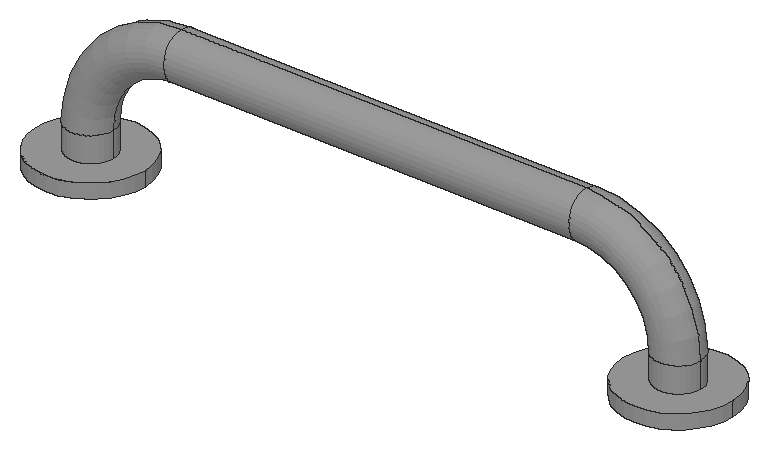
Revit family "ASH_Contour21_S6452_BIM_GB", category Plumbing Fixtures, host Face, Revit 2012
Parameters (values of type "S6452LJ")
  WaterEfficientProduct = no
  WarrantyStartDate = "n/a"
  WarrantyGuarantorParts = Company  # "Ideal Standard International Ltd"
  WarrantyDurationUnit = "Years"
  WarrantyDurationParts = "5"
  WarrantyDescription = "Manufacturers Warranty"
  WRAS = no
  VolumeUnits = "Litres"
  Version = "2"
  Uniclass2 = ""
  URL = "www.idealspec.co.uk"
  Type Comments = "n/a"
  TagNumber = "n/a"
  SustainabilityPerformance = "n/a"
  StandardsConformance = "DDA, Doc-M"
  SpareParts = "www.fastpart-spares.co.uk"
  Space = "Internal"
  Size = "mm x mm x mm"
  Shape = "Tubular"
  SerialNumber = "n/a"
  SendEnquiry = "http://www.idealspec.co.uk/contact-us.html"
  SalesInformation = "http://www.idealspec.co.uk/contact-us.html"
  RAL = "7005"
  ProductInformation = "http://www.idealspec.co.uk/assets/datasheet/S6452LJ"
  ProductDataSheet = "http://www.idealspec.co.uk/assets/datasheet/S6452LJ"
  PredefinedType = "grabrail"
  Phone = "01543 490 253"
  PartNumber = "S6452LJ"
  NominalWidth = 84 mm
  NominalLength = 450 mm
  NominalHeight = 117.5 mm
  NettWeight = "0.62Kg"
  Name = "GRABRAIL_ArmitageShanks_Contour21-Straight45cm_S6452"
  NBSTypeID = "n/a"
  NBSReference = ""
  NBSOfficeMasterTag = "n/a"
  NBSNote = "n/a"
  NBSDescription = ""
  NBSCertification = ""
  ModelReference = "S6452LJ"
  ModelNumber = "S6452LJ"
  Model = "S6452LJ"
  Material = "Aluminium"
  ManufacturerURL = "www.idealspec.co.uk"
  Manufacturer = Company  # "Ideal Standard International Ltd"
  MaintenanceInformation = "Productinfo@thebluebook.co.uk"
  LinearUnits = "mm"
  LRVValue = "20"
  InstallationInstructions = "http://www.idealspec.co.uk/resources.html"
  InstallationDate = "n/a"
  Help = "http://www.idealspec.co.uk/contact-us.html"
  GrossWeight = "n/a"
  Grade = "T6"
  Finish = "Powder Coated Aluminium Grey LJ"
  Features = "straight 45cm long x 35mm diameter Light Grey"
  ExpectedLife = "30"
  Email = "Productinfo@thebluebook.co.uk"
  ElementType = "GRAB RAIL: Safety device to aid maintaining balance, lessen fatigue and assist in supporting weight whilst maneuvering the body"
  ECA = no
  DurationUnit = "Years"
  DistributedBy = "n/a"
  Description = "Contour 21 grab rail straight 45cm long x 35mm diameter"
  Default Elevation = 1219.2 mm
  CurrentRevision = "1"
  CurrencyUnit = "n/a"
  CreatedOn = "2014-10-09"
  CreatedBy = Company  # "Ideal Standard International Ltd"
  Constituents = "n/a"
  ConnectionType = "Mechanical"
  ComponentNames = "n/a"
  Company = "Ideal Standard International Ltd"
  Colour = Powder Coated Aluminium Grey LJ
  CodePerformance = "n/a"
  Category = "Furniture_GRABRAIL_UK"
  Brand = "Armitage Shanks"
  BarCode = "5017830384540"
  BREEAM Approved = no
  BIMObjectName = "GRABRAIL_ArmitageShanks_Contour21-Straight45cm_S6452"
  Author = "Ideal Standard"
  AssetType = "Fixed"
  AssetIdentifier = "n/a"
  Assembly Code = "C1030200"
  AreaUnits = "mm"
  AreaMeasurement = "n/a"
  Accessories = "www.idealspec.co.uk"
  AccessibilityPerformance = "DDA Compliant"
Types (5, lengths in mm): name | WaterEfficientProduct | WRAS | RAL | ProductInformation | ProductDataSheet | PartNumber | ModelReference | ModelNumber | Model | Material | LRVValue | Grade | Finish | Features | ECA | Colour | BarCode | BREEAM Approved
  S6452LI | no | no | "5011" | "http://www.idealspec.co.uk/assets/datasheet/S6452LI" | "http://www.idealspec.co.uk/assets/datasheet/S6452LI" | "S6452LI" | "S645236" | "S645236" | "S645236" | "Aluminium" | "27" | "T6" | "Powder Coated Aluminium Blue LI" | "straight 45cm long x 35mm diameter Blue" | no | Powder Coated Aluminium Blue LI | "5017830384861" | no
  S645201 | no | no | "9016" | "http://www.idealspec.co.uk/assets/datasheet/S645201" | "http://www.idealspec.co.uk/assets/datasheet/S645201" | "S645201" | "S6452AC" | "S6452AC" | "S6452AC" | "Alumnium" | "94" | "T6" | "Powder Coated Aluminium White 01" | "Straight 45cm Long x 35mm diameter" | no | Powder Coated Aluminium White 01 | "5017830383758" | no
  S6452LJ | no | no | "7005" | "http://www.idealspec.co.uk/assets/datasheet/S6452LJ" | "http://www.idealspec.co.uk/assets/datasheet/S6452LJ" | "S6452LJ" | "S6452LJ" | "S6452LJ" | "S6452LJ" | "Aluminium" | "20" | "T6" | "Powder Coated Aluminium Grey LJ" | "straight 45cm long x 35mm diameter Light Grey" | no | Powder Coated Aluminium Grey LJ | "5017830384540" | no
  S6452RN | yes | yes | "7016" | "http://www.idealspec.co.uk/assets/datasheet/S6452RN" | "http://www.idealspec.co.uk/assets/datasheet/S6452RN" | "S6452RN" | "S6452RN" | "S6452RN" | "S6452RN" | "Aluminium" | "9" | "T6" | "Powder Coated Aluminium Charcoal RN" | "straight 45cm long x 35mm diameter Charcoal" | yes | Powder Coated Aluminium Charcoal RN | "5017830388401" | yes
  S6452MY | no | no | "n/a" | "http://www.idealspec.co.uk/assets/datasheet/S6452MY" | "http://www.idealspec.co.uk/assets/datasheet/S6452MY" | "S6452MY" | "S6452MY" | "S6452MY" | "S6452MY" | "Stainless Steel" | "n/a" | "304" | "Polished" | "straight 45cm long x 35mm diameter Stainless Steel" | no | Stainless Steel MY | "5017830384229" | no
Reference planes
  plane 1 "Center (Front/Back)": y = 0
  plane 2: z = 0
  plane 3 "Center (Left/Right)": x = 0
  plane 4: x = 450
  plane 5: x = 225
  plane 6: z = 117.5
  plane 7: y = 42
  plane 8: y = -42
Forms (mm)
  Sweep 1, solid, material "Powder Coated Aluminium Grey LJ" <- "Colour", detail levels medium+fine
    path origin (0, 0, 0) x (1, 0, 0) y (0, 0, 1)
      loop
        line (450, 0) -> (450, 30)
        arc (450, 30) -> (429.497, 79.497) -> (380, 100) r 70
        line (380, 100) -> (70, 100)
        arc (70, 100) -> (20.503, 79.497) -> (0, 30) r 70
        line (0, 30) -> (0, 0)
    profile origin (450, 0, 15) x (-1, 0, 0) y (0, -1, 0)
      loop
        circle (0, 0) r 17.5
  Extrusion 2, solid, material "Powder Coated Aluminium Grey LJ" <- "Colour", detail levels medium+fine
    sketch origin (0, 0, 0) x (1, 0, 0) y (0, 1, 0)
      loop
        circle (0, 0) r 42
    from 0 to 11
  Extrusion 3, solid, material "Powder Coated Aluminium Grey LJ" <- "Colour", detail levels medium+fine
    sketch origin (600, 0, 0) x (-1, 0, 0) y (0, -1, 0)
      loop
        circle (150, 0) r 42
    from 0 to 11
Dimensions and locks
  "NominalLength": plane 3 "Center (Left/Right)" to plane 4
  equal spacing: plane 3 "Center (Left/Right)", plane 5, plane 4
  "NominalHeight": plane 6 to host face
  equal spacing: plane 7, plane 1 "Center (Front/Back)", plane 8, locked at 42 each
  "NominalWidth": plane 7 to plane 8
  aligned and locked: plane 2 to host face
  aligned and locked: level to host face
Automatic sketch dimensions
  host sketch curve to host sketch curve = 2438.4 mm  (x2)
  Sweep 1 sketch curve to level = 0 mm  (x2)
  Sweep 1 sketch curve to plane 3 "Center (Left/Right)" = 0 mm
  Sweep 1 sketch curve to plane 4 = 0 mm
  plane 3 "Center (Left/Right)" to Sweep 1 sketch curve = 70 mm
  level to Sweep 1 sketch curve = 30 mm
  Sweep 1 sketch curve to Sweep 1 sketch curve = 70 mm
  plane 1 "Center (Front/Back)" to Sweep 1 sketch curve = 0 mm
  Sweep 1 sketch curve to profile plane = 0 mm
  plane 1 "Center (Front/Back)" to Extrusion 2 sketch curve = 0 mm
  Extrusion 2 sketch curve to plane 3 "Center (Left/Right)" = 0 mm
  plane 1 "Center (Front/Back)" to Extrusion 3 sketch curve = 0 mm
  Extrusion 3 sketch curve to plane 4 = 0 mm
  radius of Sweep 1 sketch curve = 17.5 mm
  radius of Extrusion 2 sketch curve = 42 mm
  radius of Extrusion 3 sketch curve = 42 mm
